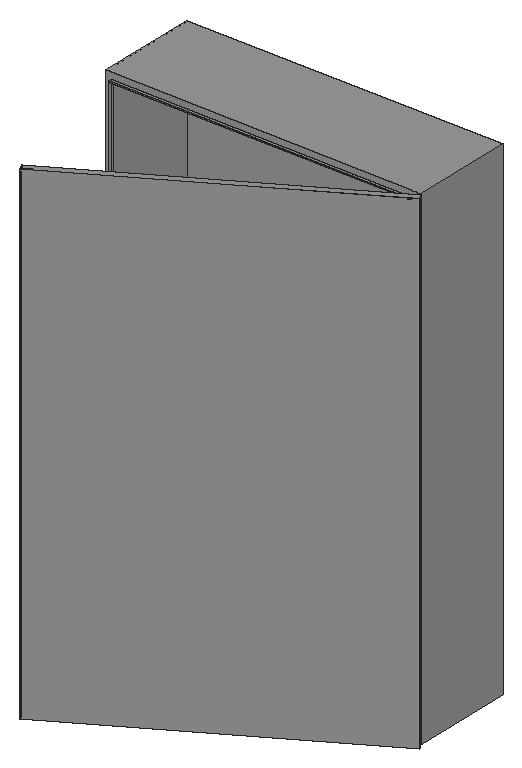
Revit family "Hager-Univers-IP55-D275-H1250-Cl.I-Steel_encl-NoHosted-DE-de", category Equipement électrique, Revit 2020
Family settings
  Configuration du panneau = Deux colonnes, circuits au sein
  Cote de connecteur circulaire = Utiliser le diamètre
  Type d'élément = Tableau de raccordement
  Basée sur le plan de construction = Oui
  Toujours verticalement = Oui
  Couper avec des vides une fois chargée = Non
  Partagée = Non
  Point de calcul de pièce = Non
Parameters (values of type "Aufputz IP55 B800 H1250 T275  - FR83E")
  Width Control [instance] = if([EF000008 - Breite] > Min Width, [EF000008 - Breite], Min Width)  # 800 mm
  Commentaires du type = [HG000003 - Bereich]  # "Univers"
  Thickness Door [instance] = if([EF009171 - Materialstärke Tür/Deckel] > 3 mm, 3 mm, [EF009171 - Materialstärke Tür/Deckel])  # 1.5 mm
  Seal Frame Offset [instance] = 17 mm  # constant formula
  Plinth Visibility [instance] = [HG000027 - Sockelhöhe] > 0 mm  # no
  Min Width [instance] = 100 mm  # constant formula
  Min Depth [instance] = (2 * [EF009170 - Materialstärke Gehäuse]) + 1 mm  # 4 mm
  Min Height [instance] = 100 mm  # constant formula
  Internal Frame Depth [instance] = (Door System Depth * 0.5)  # 9 mm
  Panel Name [instance] = ""  # (empty or 0)
  Model = ""
  HG000027 - Sockelhöhe = 0 mm
  HG000026 - Stehend auf dem Boden = no
  HG000024 - Höhe des unteren Teils = 600 mm
  HG000023 - Gehäuse mit doppeltem Querschnitt = no
  HG000016 - 3D-Türsichtbarkeit [instance] = yes
  HG000015 - Sichtbarkeit der Türöffnung [instance] = no
  HG000014 - Tür rechts [instance] = yes
  HG000013 - Tür links [instance] = not([HG000014 - Tür rechts])  # no
  HG000012 - Türschwenkwinkel [instance] = 30.00°
  HG000010 - Asymmetrische Türen = no
  HG000009 - Doppelflügeligen Tür = no
  HG000006 - Unterputz = no
  HG000004 - Herstellerreferenz = "FR83E"
  HG000003 - Bereich = "Univers"
  HG000002 - Mit tür = yes
  Frame Offset Bottom [instance] = 10 mm  # constant formula
  Frame Offset [instance] = 15 mm  # constant formula
  EF015940 - Deckel mit Überdruckentlastung = no
  EF011959 - Schutzart (NEMA) = ""
  EF009554 - Anzahl der Öffnungen für Flanschplatten = 6
  EF009212 - Ausführung Deckel = "EV000116 - geschlossen"
  EF009171 - Materialstärke Tür/Deckel = 1.5 mm
  EF009170 - Materialstärke Gehäuse = 1.5 mm
  EF008873 - Nennstrom (In) = 800 A
  EF007800 - Geeignet für Blitzschutz = no
  EF006306 - Mit Schloss = no
  EF006244 - Transparenter Deckel/Tür = no
  EF005474 - Schutzart (IP) = "EV006420 - IP55"
  EF004464 - Art der Tür = "EV002646 - Einzel"
  EF004427 - Anzahl der Module = 288
  EF004293 - Schlagfestigkeit = "EV008784 - IK10"
  EF003532 - Geeignet für Außengebrauch = no
  EF002950 - Breite in Teilungseinheiten = 24
  EF001613 - Funktionserhalt = "EV000494 - ohne"
  EF001596 - Werkstoff des Gehäuses = "EV000179 - Stahl"
  EF001131 - Innentiefe = 275 mm
  EF001088 - Anbaumöglichkeit = yes
  EF000437 - Anzahl der Leitungseinführungen = 6
  EF000339 - Art der Abdeckung = "EV004216 - Tür"
  EF000266 - Anzahl der Reihen = 8
  EF000218 - Einbautiefe = 0 mm
  EF000118 - Mit Montageplatte = no
  EF000116 - RAL-Nummer = "7035"
  EF000049 - Tiefe = 275 mm
  EF000040 - Höhe = 1250 mm
  EF000008 - Breite = 800 mm
  EF000007 - Farbe = "EV000270 - grau"
  EF000003 - Montageart = "EV000384 - Aufputz"
  Door System Leaf Tolerance [instance] = 1.5 mm  # constant formula
  Door System Depth [instance] = 18 mm  # constant formula
  Door Height [instance] = Height Control - [HG000027 - Sockelhöhe]  # 1250 mm
  Description = ""
  Default Elevation = 1219.2 mm
  Connector Offset [instance] = Height Control / 2  # 625 mm
  Fabricant = "Hager"  # constant formula
  Height Control [instance] = if([EF000040 - Höhe] > Min Height, [EF000040 - Höhe], Min Height)  # 1250 mm
  Depth Control [instance] = if([EF000049 - Tiefe] > Min Depth, [EF000049 - Tiefe], Min Depth)  # 275 mm
  Bottom Top Plate Trim [instance] = 1.5 mm  # constant formula
  Plinth height Ctrl [instance] = if([HG000027 - Sockelhöhe] > 0 mm, [HG000027 - Sockelhöhe], 12 mm)  # 12 mm
Types (5, lengths in mm): name | Width Control | HG000010 - Asymmetrische Türen | HG000009 - Doppelflügeligen Tür | HG000004 - Herstellerreferenz | EF009554 - Anzahl der Öffnungen für Flanschplatten | EF004464 - Art der Tür | EF004427 - Anzahl der Module | EF000437 - Anzahl der Leitungseinführungen | EF000008 - Breite
  Aufputz IP55 B1050 H1250 T275  - FR84E | 1050 | no | yes | "FR84E" | 8 | "EV003602 - Doppel" | 384 | 8 | 1050
  Aufputz IP55 B1300 H1250 T275  - FR85E | 1300 | yes | yes | "FR85E" | 10 | "EV003602 - Doppel" | 480 | 10 | 1300
  Aufputz IP55 B300 H1250 T275  - FR81E | 300 | no | no | "FR81E" | 2 | "EV002646 - Einzel" | 96 | 2 | 300
  Aufputz IP55 B550 H1250 T275  - FR82E | 550 | no | no | "FR82E" | 4 | "EV002646 - Einzel" | 192 | 4 | 550
  Aufputz IP55 B800 H1250 T275  - FR83E | 800 | no | no | "FR83E" | 6 | "EV002646 - Einzel" | 288 | 6 | 800
Reference planes
  plane 1 "Center (Front/Back)": y = 0
  plane 2: z = 0
  plane 3 "Center (Left/Right)": x = 0
  plane 4: y = 0
  plane 5: y = 0
  plane 6: z = 0
  plane 7: x = -400
  plane 8: x = 400
  plane 9: x = 398.5
  plane 10: x = -398.5
  plane 11: z = 0
  plane 12: z = 1.5
  plane 13: y = -275
  plane 14: y = -1.5
  plane 15: x = 0
  plane 16: y = -257
  plane 17: y = -273.5
  plane 18: y = -255.5
  plane 19: x = -383.5
  plane 20: x = 383.5
  plane 21: z = 11.5
  plane 22: x = -383
  plane 23: x = 383
  plane 24: z = 0
  plane 25: z = 1250
  plane 26: z = 1250
  plane 27: z = 1233.5
  plane 28: z = 1248.5
Forms (mm)
  Extrusion 1, solid, material "Hager_Steel_RAL7035_Light_Grey", detail levels medium+fine
    sketch origin (-208.679, -4572, 0) x (-1, 0, 0) y (0, -1, 0)
      loop
        line (191.321, -4315) -> (-608.679, -4315) -> (-608.679, -4572) -> (191.321, -4572) -> (191.321, -4315)
    from 0 to 1250
  Extrusion 2, void
    sketch origin (-350.771, -275, 1219.2) x (1, 0, 0) y (0, 0, 1)
      loop
        line (-47.729, 29.3) -> (-47.729, -1217.7) -> (749.271, -1217.7) -> (749.271, 29.3) -> (-47.729, 29.3)
    from -19.5 to -273.5
  Extrusion 3, void
    sketch origin (-290.084, -257, 1219.2) x (1, 0, 0) y (0, 0, 1)
      loop
        line (-93.416, -1207.7) -> (673.584, -1207.7) -> (673.584, 14.3) -> (-93.416, 14.3) -> (-93.416, -1207.7)
    from 0 to -1.5
  Extrusion 4, solid, material "Hager_Steel_RAL7035_Light_Grey", visible <- "Plinth Visibility", detail levels medium+fine
    sketch origin (0, 0, 0) x (1, 0, 0) y (0, 1, 0)
      loop
        line (-400, 0) -> (-400, -257) -> (400, -257) -> (400, 0) -> (-400, 0)
    from 0 to 12 <- "Plinth height Ctrl"
  Extrusion 5, solid, material "Hager_Steel_RAL7035_Light_Grey", detail levels coarse
    sketch origin (0, 0, 0) x (1, 0, 0) y (0, 1, 0)
      loop
        line (-400, 0) -> (-400, -275) -> (400, -275) -> (400, 0) -> (-400, 0)
    from 0 to 1250 <- "Height Control"
  Sweep 6, void
    path in 3D
      loop
        line (-400, -257, 12) -> (400, -257, 12) -> (400, 0, 12) -> (-400, 0, 12) -> (-400, -257, 12)
    profile origin (-400, -128.5, 12) x (1, 0, 0) y (0, 0, 1)
      loop
        line (0, 0) -> (0, -1.5) -> (1.5, -1.5)
        arc (1.5, -1.5) -> (1.061, -0.439) -> (0, 0) r 1.5
  Extrusion 7, solid, material "Hager_Steel_RAL7035_Light_Grey", detail levels fine
    sketch origin (-400, -257, 0) x (1, 0, 0) y (0, 0, 1)
      loop
        line (16.5, 11.5) -> (783.5, 11.5) -> (783.5, 1233.5) -> (16.5, 1233.5) -> (16.5, 11.5)
      loop
        line (15, 10) -> (785, 10) -> (785, 1235) -> (15, 1235) -> (15, 10)
    from 0 to 9 <- "Internal Frame Depth"
Cuts and joins
  Extrusion 2, Extrusion 3 cuts Extrusion 1
  Sweep 6 cuts Extrusion 4
Lines and regions (mm)
  Masking region 1
    outline origin (0, 0, 0) x (1, 0, 0) y (0, 1, 0)
      loop
        line (-400, 0) -> (-400, -275) -> (400, -275) -> (400, 0) -> (-400, 0)
  Masking region 2, detail levels coarse
    outline origin (-290.084, -257, 1219.2) x (-1, 0, 0) y (0, 0, 1)
      loop
        line (-690.084, -1219.2) -> (109.916, -1219.2) -> (109.916, 30.8) -> (-690.084, 30.8) -> (-690.084, -1219.2)
  Masking region 3, detail levels coarse
    outline origin (0, 0, 0) x (0, 1, 0) y (0, 0, 1)
      loop
        line (0, 0) -> (0, 1250) -> (-275, 1250) -> (-275, 0) -> (0, 0)
  Masking region 4, visible <- "Plinth Visibility", detail levels medium+fine
    outline origin (0, 0, 0) x (0, 1, 0) y (0, 0, 1)
      loop
        line (-1.5, 12) -> (-255.5, 12)
        arc (-255.5, 12) -> (-255.939, 10.939) -> (-257, 10.5) r 1.5
        line (-257, 10.5) -> (-257, 0) -> (0, 0) -> (0, 10.5)
        arc (0, 10.5) -> (-1.061, 10.939) -> (-1.5, 12) r 1.5
  Masking region 5, detail levels medium+fine
    outline origin (0, 0, 594.038) x (0, 1, 0) y (0, 0, 1)
      loop
        line (0, -594.038) -> (0, 655.962) -> (-257, 655.962) -> (-257, -594.038) -> (0, -594.038)
  Masking region 6, detail levels medium+fine
    outline origin (-359.7, -257, 1211.883) x (-1, 0, 0) y (0, 0, 1)
      loop
        line (-759.7, -1211.883) -> (40.3, -1211.883) -> (40.3, 38.117) -> (-759.7, 38.117) -> (-759.7, -1211.883)
  Masking region 7, visible <- "Plinth Visibility", detail levels medium+fine
    outline origin (-320.334, -257, 1041.368) x (-1, 0, 0) y (0, 0, 1)
      loop
        line (-720.334, -1041.368) -> (79.666, -1041.368) -> (79.666, -1030.868)
        arc (79.666, -1030.868) -> (78.606, -1030.429) -> (78.166, -1029.368) r 1.5
        line (78.166, -1029.368) -> (-718.834, -1029.368)
        arc (-718.834, -1029.368) -> (-719.273, -1030.429) -> (-720.334, -1030.868) r 1.5
        line (-720.334, -1030.868) -> (-720.334, -1041.368)
  sketch lines
    curve 1: line (-400, 0, 12) -> (-400, -257, 12)
    curve 2: line (-400, -257, 12) -> (400, -257, 12)
    curve 3: line (400, 0, 12) -> (-400, 0, 12)
    curve 4: line (400, -257, 12) -> (400, 0, 12)
Dimensions and locks
  locked: plane 1 "Center (Front/Back)" to plane 5
  "EF009170 - Materialstärke Gehäuse": plane 7 to plane 10
  "EF009170 - Materialstärke Gehäuse": plane 8 to plane 9
  equal spacing: plane 7, plane 3 "Center (Left/Right)", plane 8
  "Width Control": plane 7 to plane 8
  "Depth Control": plane 4 to plane 13
  "EF009170 - Materialstärke Gehäuse": plane 4 to plane 14
  "Height Control": plane 25 to level
  "HG000027 - Sockelhöhe": plane 11 to level
  "EF009170 - Materialstärke Gehäuse": plane 12 to plane 11
  "EF009170 - Materialstärke Gehäuse": plane 17 to plane 13
  "EF009170 - Materialstärke Gehäuse": plane 18 to plane 16
  "Frame Offset Bottom": plane 21 to plane 12
  "Frame Offset": plane 10 to plane 19
  "Frame Offset": plane 9 to plane 20
  "Door System Depth": plane 16 to plane 13
  "Seal Frame Offset": plane 7 to plane 22
  "Seal Frame Offset": plane 8 to plane 23
  "EF009170 - Materialstärke Gehäuse": plane 26 to plane 28
  "Frame Offset": plane 28 to plane 27
  "Connector Offset": plane 2 to connector elem
  "Bottom Top Plate Trim": profile plane to Sweep 6 sketch curve
  "Bottom Top Plate Trim": Sweep 6 sketch curve to Sweep 6 sketch curve
  "Plinth height Ctrl": Masking region 4 sketch curve to level
  "Plinth height Ctrl": Masking region 7 sketch curve to level
  "Thickness Door": Extrusion 7 sketch curve to Extrusion 7 sketch curve  (x4)
  "Bottom Top Plate Trim": radius of Sweep 6 sketch curve
  "Bottom Top Plate Trim": radius of Masking region 4 sketch curve  (x2)
  "Bottom Top Plate Trim": radius of Masking region 7 sketch curve  (x2)
  aligned and locked: Extrusion 2 sketch curve to plane 12
  aligned and locked: Extrusion 2 sketch curve to plane 9
  aligned and locked: Extrusion 2 sketch curve to plane 10
  aligned and locked: Extrusion 2 to plane 14
  aligned and locked: Extrusion 1 sketch curve to plane 4
  aligned and locked: plane 8 to Extrusion 1 sketch curve
  aligned and locked: plane 7 to Extrusion 1 sketch curve
  aligned and locked: Extrusion 2 to plane 18
  aligned and locked: Extrusion 3 sketch curve to plane 19
  aligned and locked: plane 20 to Extrusion 3 sketch curve
  aligned and locked: Extrusion 3 to Extrusion 2
  aligned and locked: Extrusion 3 sketch curve to plane 21
  aligned and locked: plane 3 "Center (Left/Right)" to nested 1
  aligned and locked: Extrusion 1 sketch curve to plane 16
  aligned and locked: Extrusion 4 sketch curve to cut or joined group of Extrusion 1, Extrusion 2, Extrusion 3
  aligned and locked: Masking region 1 sketch curve to plane 7
  aligned and locked: Masking region 1 sketch curve to plane 5
  aligned and locked: Masking region 1 sketch curve to plane 8
  aligned and locked: Masking region 2 sketch curve to level
  aligned and locked: level to Masking region 3 sketch curve
  aligned and locked: plane 1 "Center (Front/Back)" to Masking region 3 sketch curve
  aligned and locked: plane 13 to Masking region 3 sketch curve
  aligned and locked: plane 5 to Masking region 4 sketch curve
  aligned and locked: Masking region 2 sketch curve to plane 8
  aligned and locked: Masking region 2 sketch curve to plane 7
  aligned and locked: plane 7 to nested 2
  aligned and locked: nested 2 to plane 5
  aligned and locked: plane 5 to Masking region 5 sketch curve
  aligned and locked: plane 26 to Masking region 5 sketch curve
  aligned and locked: Extrusion 5 sketch curve to plane 8
  aligned and locked: Extrusion 5 sketch curve to plane 7
  aligned and locked: Extrusion 5 sketch curve to plane 5
  aligned and locked: Extrusion 3 sketch curve to plane 27
  aligned and locked: Extrusion 2 sketch curve to plane 28
  aligned and locked: Masking region 2 to plane 25
  aligned and locked: Extrusion 4 to plane 16
  aligned and locked: profile plane to Sweep 6 sketch curve
  aligned and locked: Masking region 5 sketch curve to plane 24
  aligned and locked: level to Masking region 4 sketch curve
  aligned and locked: Masking region 1 to plane 13
  aligned and locked: nested 1 to plane 16
  aligned and locked: Masking region 3 to plane 25
  aligned and locked: plane 16 to Masking region 4 sketch curve
  aligned and locked: Masking region 5 sketch curve to plane 16
  aligned and locked: plane 24 to plane 11
  aligned and locked: plane 26 to plane 25
  aligned and locked: plane 26 to cut or joined group of Extrusion 1, Extrusion 2, Extrusion 3
  aligned and locked: nested 1 to plane 24
  aligned and locked: Extrusion 1 to Extrusion 3
  aligned and locked: Masking region 6 sketch curve to plane 8
  aligned and locked: Masking region 6 sketch curve to plane 24
  aligned and locked: Masking region 6 sketch curve to plane 7
  aligned and locked: Masking region 6 sketch curve to plane 26
  aligned and locked: Masking region 7 sketch curve to plane 7
  aligned and locked: level to Masking region 7 sketch curve
  aligned and locked: Masking region 7 sketch curve to plane 8
  aligned and locked: Extrusion 7 sketch curve to cut or joined group of Extrusion 1, Extrusion 2, Extrusion 3  (x4)
Automatic sketch dimensions
  plane 19 to Extrusion 3 sketch curve = 0 mm
  Extrusion 3 sketch curve to plane 20 = 0 mm
  Extrusion 3 sketch curve to plane 21 = 0 mm
  Extrusion 4 sketch curve to plane 7 = 0 mm
  Extrusion 4 sketch curve to plane 8 = 0 mm
  Extrusion 4 sketch curve to plane 16 = 0 mm
  Masking region 1 sketch curve to plane 13 = 0 mm
  Masking region 2 sketch curve to plane 25 = 0 mm
  Masking region 3 sketch curve to plane 25 = 0 mm
  Extrusion 5 sketch curve to plane 13 = 0 mm
  profile plane to Sweep 6 sketch curve = 0 mm
Nested families
  nested 1: "EC000058_Univers_Door" at (0, -257, 0), Double <- "HG000009 - Doppelflügeligen Tür", Transparent <- "EF006244 - Transparenter Deckel/Tür", Angle <- "HG000012 - Türschwenkwinkel", Door_Right <- "HG000014 - Tür rechts", Assymetrical <- "HG000010 - Asymmetrische Türen", Door <- "HG000002 - Mit tür", Width_Ctrl <- "Width Control", 3d_Door <- "HG000016 - 3D-Türsichtbarkeit", Clearance <- "HG000015 - Sichtbarkeit der Türöffnung", Door_Left <- "HG000013 - Tür links", Width <- "Width Control", Door_Depth <- "Door System Depth", Leaf_Tolerance <- "Door System Leaf Tolerance", Height <- "Door Height", Lock_Visibility <- "EF006306 - Mit Schloss", Thickness <- "Thickness Door", type "EC000058_Univers_Door", detail levels medium+fine
    with min_wh 4 mm, Width_Ctrl 800 mm, Width 800 mm, Transparent no, Thickness 1.5 mm, Seal_Material Hager_Rubber, Lock_Visibility no, Lock_Material Hager_Plastic_RAL9005_Jet_Black, Leaf_Width 800 mm, Leaf_Tolerance_External_Sides 0 mm, Leaf_Tolerance 1.5 mm, Leaf_Offset 0 mm, Leaf_Height 1247 mm, Leaf_2_Width 800 mm, Leaf_2_Offset 400 mm, Leaf_1_Width 800 mm, Leaf_1_Offset 400 mm, Height_Ctrl 1250 mm, Height 1250 mm, Glass_Material Hager_Glass, Double_Clearance_Ctrl no, Double no, Door_Right_Ctrl yes, Door_Right yes, Door_Material Hager_Steel_RAL7035_Light_Grey, Door_Left_Ctrl no, Door_Left no, Door_Depth 18 mm, Door yes, Clearance_Material Hager_Clearance, Clearance_Depth 800 mm, Clearance_Ctrl no, Clearance no, Assymetrical no, Angle 30.00°, 3d_Door yes
  nested 2: "Hager_Enclosure_Symbol" at (-400, 0, 0), Height <- "Depth Control", Width <- "Width Control", type "Hager_Enclosure_Symbol"
    with Width_Ctrl 800 mm, Width 800 mm, Height_Ctrl 275 mm, Height 275 mm, A_Width_Int 18.047 mm, A_Width 216.562 mm, A_Height_Ctrl 240.625 mm, A_Height 240.625 mm
Connectors
  electrical at (0, 0, 625)
    settings: on plane 1 "Center (Front/Back)", index 1, voltage 0 V, apparent load 0 VA, apparent load phase1 0 VA, apparent load phase2 0 VA, apparent load phase3 0 VA, power factor 1, load classification "Other", number of poles 1, system type 30, power factor state 1, is connector primary yes, connector utility no, sub classification motor no, connector description ""
Definition of nested family "EC000058_Univers_Door"
  Parameters (values of type "EC000058_Univers_Door")
    min_wh [instance] = (2 * Thickness) + 1 mm  # 11 mm
    Width_Ctrl [instance] = 400 mm
    Width [instance] = 500 mm
    Transparent [instance] = yes
    Thickness [instance] = 5 mm
    Seal_Material [instance] = none
    Lock_Visibility [instance] = yes
    Lock_Material [instance] = none
    Leaf_Width [instance] = if((Width_Ctrl - 2 * Leaf_Tolerance_External_Sides) > 0 mm, (Width_Ctrl - 2 * Leaf_Tolerance_External_Sides), min_wh)  # 400 mm
    Leaf_Tolerance_External_Sides [instance] = 0 mm  # constant formula
    Leaf_Tolerance [instance] = 1.5 mm
    Leaf_Offset [instance] = 0 mm  # constant formula
    Leaf_Height [instance] = if((Height_Ctrl - 2 * Leaf_Tolerance) > 0 mm, (Height_Ctrl - 2 * Leaf_Tolerance), min_wh)  # 497 mm
    Leaf_2_Width [instance] = if(and(and(Double, Assymetrical), Door_Left), (Leaf_Width / 3) - (Leaf_Tolerance / 2), if(and(and(Double, Assymetrical), Door_Right), (Leaf_Width / 3) * 2 - (Leaf_Tolerance / 2), if(and(Double, not(Assymetrical)), (Leaf_Width / 2) - Leaf_Tolerance, Leaf_Width)))  # 400 mm
    Leaf_2_Offset [instance] = if(and(Double, Assymetrical), Leaf_2_Width / 2, if(and(Double, not(Assymetrical)), Leaf_Width / 4, Leaf_Width / 2))  # 200 mm
    Leaf_1_Width [instance] = if(and(and(Double, Assymetrical), Door_Right), (Leaf_Width / 3) - (Leaf_Tolerance / 2), if(and(and(Double, Assymetrical), Door_Left), (Width / 3) * 2 - (Leaf_Tolerance / 2), if(and(Double, not(Assymetrical)), (Leaf_Width / 2) - Leaf_Tolerance, Leaf_Width)))  # 400 mm
    Leaf_1_Offset [instance] = if(and(Double, Assymetrical), Leaf_1_Width / 2, if(and(Double, not(Assymetrical)), Leaf_Width / 4, Leaf_Width / 2))  # 200 mm
    Height_Ctrl [instance] = if(Height > min_wh, Height, min_wh)  # 500 mm
    Height [instance] = 500 mm
    Glass_Material [instance] = none
    Double_Clearance_Ctrl [instance] = and(Double, Clearance)  # no
    Double [instance] = no
    Door_Right_Ctrl [instance] = and(or(Door_Right, Double), Door)  # yes
    Door_Right [instance] = yes
    Door_Material [instance] = none
    Door_Left_Ctrl [instance] = and(or(Door_Left, Double), Door)  # no
    Door_Left [instance] = no
    Door_Depth [instance] = 30 mm
    Door [instance] = yes
    Default Elevation = 1219.2 mm
    Clearance_Material [instance] = none
    Clearance_Depth [instance] = if(Leaf_1_Width > Leaf_2_Width, Leaf_1_Width, Leaf_2_Width)  # 400 mm
    Clearance_Ctrl [instance] = and(not(Double), Clearance)  # yes
    Clearance [instance] = yes
    Assymetrical [instance] = yes
    Angle [instance] = 30.00°
    3d_Door [instance] = yes
  Reference planes
    plane 1 "Center (Front/Back)": y = 0
    plane 2 "Bottom": z = 0
    plane 3 "Center (Left/Right)": x = 0
    plane 4: z = 500
    plane 5: x = -200
    plane 6: x = 200
    plane 7: z = 500
    plane 8: x = -200
    plane 9: z = 0
    plane 10: x = 200
    plane 11: y = 0
    plane 12: z = 1.5
    plane 13: x = -600
    plane 14: y = -400
    plane 15: x = 600
    plane 16: x = 0
    plane 17: x = 0
    plane 18: x = -200
    plane 19: x = 200
    plane 20: z = 498.5
  Forms (mm)
    Extrusion 1, solid, material <- "Clearance_Material", visible <- "Double_Clearance_Ctrl"
      sketch origin (1200, 0, 0) x (1, 0, 0) y (0, 0, -1)
        loop
          line (-1800, -498.5) -> (-600, -498.5) -> (-600, 0) -> (-1800, 0) -> (-1800, -498.5)
      from 0 to -400
  Dimensions and locks
    equal spacing: plane 5, plane 3 "Center (Left/Right)", plane 6
    "Width_Ctrl": plane 5 to plane 6
    "Leaf_Offset": plane 5 to plane 8
    "Leaf_Offset": plane 6 to plane 10
    "Leaf_Offset": plane 9 to level
    "Leaf_Offset": plane 4 to plane 7
    "Height_Ctrl": plane 4 to level
    "Leaf_Tolerance": plane 12 to plane 9
    locked: plane 11 to plane 1 "Center (Front/Back)"
    "Leaf_1_Offset": plane 18 to plane 16
    "Leaf_2_Offset": plane 17 to plane 19
    "Leaf_1_Width": plane 13 to plane 8
    "Leaf_2_Width": plane 10 to plane 15
    "Clearance_Depth": plane 14 to plane 1 "Center (Front/Back)"
    "Leaf_Tolerance_External_Sides": plane 8 to plane 18
    "Leaf_Tolerance_External_Sides": plane 19 to plane 10
    "Leaf_Tolerance": plane 7 to plane 20
    aligned and locked: level to plane 2 "Bottom"
    aligned and locked: nested 1 to plane 16
    aligned and locked: nested 2 to plane 17
    aligned and locked: Extrusion 1 to plane 13
    aligned and locked: plane 15 to Extrusion 1
    aligned and locked: Extrusion 1 to plane 14
    aligned and locked: plane 12 to nested 1
    aligned and locked: nested 2 to plane 12
    aligned and locked: Extrusion 1 to plane 11
    aligned and locked: plane 20 to Extrusion 1
    aligned and locked: nested 2 to plane 11
    aligned and locked: nested 1 to plane 11
  Automatic sketch dimensions
    Extrusion 1 sketch curve to level = 0 mm
    plane 5 to Extrusion 1 sketch curve = 400 mm
    plane 6 to Extrusion 1 sketch curve = 400 mm
    Extrusion 1 sketch curve to plane 4 = 1.5 mm
  Nested families
    nested 1: "EC000058_Univers_Door_Leaf" at (0, 0, 1.5), Width <- "Leaf_1_Width", visible <- "Door_Left_Ctrl", Leaf_Height <- "Leaf_Height", Angle <- "Angle", 3d_Door <- "3d_Door", Transparent <- "Transparent", Clearance Material <- "Clearance_Material", Clearance <- "Clearance_Ctrl", Door_Material <- "Door_Material", Glass_Material <- "Glass_Material", Door_Depth <- "Door_Depth", Lock_Material <- "Lock_Material", Seal_Material <- "Seal_Material", Lock_Visibility <- "Lock_Visibility", Thickness <- "Thickness", type "EC000058_Univers_Door_Leaf"
      with Width 400 mm, Transparent_Glass_Offset 30 mm, Transparent_Ctrl yes, Transparent yes, Thickness 5 mm, Standard no, Seal_Material none, Seal_D2 8 mm, Seal_D1 1 mm, Offset_Internal_Frame 10 mm, Lock_Width 20 mm, Lock_Visibility_3d yes, Lock_Visibility yes, Lock_Thickness_3 3 mm, Lock_Thickness_2 1 mm, Lock_Thickness_1 3 mm, Lock_Radius_Offset_2 16 mm, Lock_Radius_Offset_1 15 mm, Lock_Radius_2 5 mm, Lock_Radius 6 mm, Lock_Offset 5 mm, Lock_Material none, Lock_Height 80 mm, Lock_Cover_Top_Offset_2d 17 mm, Lock_Cover_Height -65 mm, Leaf_Height 497 mm, Internal_Seal_Thickness 8 mm, Internal_Seal_Depth_2 4.5 mm, Internal_Frame_Depth 25 mm, Glass_Thickness -1 mm, Glass_Offset -2 mm, Glass_Material none, Door_Material none, Door_Depth 30 mm, Clearance Material none, Clearance yes, Angle_Ctrl 30.00°, Angle 30.00°, 3d_Door yes
    nested 2: "EC000058_Univers_Door_Leaf" at (0, 0, 1.5) x (-1, 0, 0) z (0, 0, 1), Width <- "Leaf_2_Width", visible <- "Door_Right_Ctrl", Leaf_Height <- "Leaf_Height", Angle <- "Angle", 3d_Door <- "3d_Door", Transparent <- "Transparent", Clearance Material <- "Clearance_Material", Clearance <- "Clearance_Ctrl", Door_Material <- "Door_Material", Glass_Material <- "Glass_Material", Door_Depth <- "Door_Depth", Lock_Material <- "Lock_Material", Seal_Material <- "Seal_Material", Lock_Visibility <- "Lock_Visibility", Thickness <- "Thickness", type "EC000058_Univers_Door_Leaf"
      with Width 400 mm, Transparent_Glass_Offset 30 mm, Transparent_Ctrl yes, Transparent yes, Thickness 5 mm, Standard no, Seal_Material none, Seal_D2 8 mm, Seal_D1 1 mm, Offset_Internal_Frame 10 mm, Lock_Width 20 mm, Lock_Visibility_3d yes, Lock_Visibility yes, Lock_Thickness_3 3 mm, Lock_Thickness_2 1 mm, Lock_Thickness_1 3 mm, Lock_Radius_Offset_2 16 mm, Lock_Radius_Offset_1 15 mm, Lock_Radius_2 5 mm, Lock_Radius 6 mm, Lock_Offset 5 mm, Lock_Material none, Lock_Height 80 mm, Lock_Cover_Top_Offset_2d 17 mm, Lock_Cover_Height -65 mm, Leaf_Height 497 mm, Internal_Seal_Thickness 8 mm, Internal_Seal_Depth_2 4.5 mm, Internal_Frame_Depth 25 mm, Glass_Thickness -1 mm, Glass_Offset -2 mm, Glass_Material none, Door_Material none, Door_Depth 30 mm, Clearance Material none, Clearance yes, Angle_Ctrl 30.00°, Angle 30.00°, 3d_Door yes
  Definition of nested family "EC000058_Univers_Door_Leaf"
    Parameters (values of type "EC000058_Univers_Door_Leaf")
      Width [instance] = 2000 mm
      Transparent_Glass_Offset [instance] = 30 mm
      Transparent_Ctrl [instance] = and(Transparent, [3d_Door])  # yes
      Transparent [instance] = yes
      Thickness [instance] = 5 mm
      Standard [instance] = and(not(Transparent), [3d_Door])  # no
      Seal_Material [instance] = none
      Seal_D2 [instance] = 8 mm  # constant formula
      Seal_D1 [instance] = 1 mm  # constant formula
      Offset_Internal_Frame [instance] = 10 mm  # constant formula
      Lock_Width [instance] = 20 mm  # constant formula
      Lock_Visibility_3d [instance] = and(Lock_Visibility, [3d_Door])  # yes
      Lock_Visibility [instance] = yes
      Lock_Thickness_3 [instance] = 3 mm  # constant formula
      Lock_Thickness_2 [instance] = 1 mm  # constant formula
      Lock_Thickness_1 [instance] = 3 mm  # constant formula
      Lock_Radius_Offset_2 [instance] = Lock_Radius_Offset_1 + 1 mm  # 16 mm
      Lock_Radius_Offset_1 [instance] = 15 mm  # constant formula
      Lock_Radius_2 [instance] = Lock_Radius - 1 mm  # 5 mm
      Lock_Radius [instance] = 6 mm  # constant formula
      Lock_Offset [instance] = 5 mm  # constant formula
      Lock_Material [instance] = none
      Lock_Height [instance] = 80 mm  # constant formula
      Lock_Cover_Top_Offset_2d [instance] = Lock_Radius_Offset_2 + 1 mm  # 17 mm
      Lock_Cover_Height [instance] = -(Lock_Height - Lock_Radius_Offset_1)  # -65 mm
      Leaf_Height [instance] = 2720.336 mm
      Internal_Seal_Thickness [instance] = 8 mm  # constant formula
      Internal_Seal_Depth_2 [instance] = 4.5 mm  # constant formula
      Internal_Frame_Depth [instance] = if(Door_Depth - Thickness > 5 mm, Door_Depth - Thickness, 5 mm)  # 25 mm
      Glass_Thickness [instance] = if(Thickness > 15 mm, Glass_Offset + 10 mm, -1 mm)  # -1 mm
      Glass_Offset [instance] = if(Thickness > 15 mm, -(Thickness + 10 mm) / 2, -2 mm)  # -2 mm
      Glass_Material [instance] = none
      Door_Material [instance] = none
      Door_Depth [instance] = 30 mm
      Default Elevation = 0 mm
      Clearance Material [instance] = none
      Clearance [instance] = yes
      Angle_Ctrl [instance] = if(Angle > 180.00°, 180.00°, Angle)  # 90.00°
      Angle [instance] = 90.00°
      3d_Door [instance] = yes
    Reference planes
      plane 1 "Center (Front/Back)": y = 0
      plane 2: z = 0
      plane 3 "Center (Left/Right)": x = 0
      plane 4: y = 2000
      plane 5: x = -1000
      plane 6: x = 1000
      plane 7: x = -3000
      plane 8: z = 2720.336
      plane 9: z = 30
      plane 10: z = 2690.336
      plane 11: x = 970
      plane 12: x = -970
      plane 13: y = -3
      plane 14: z = 107.833
      plane 15: y = -5
      plane 16: y = -223.314
      plane 17: x = -1000
      plane 18: z = 1360.168
      plane 19: y = 30
    Forms (mm)
      Extrusion 1, solid, material <- "Clearance Material", visible <- "Clearance"
        sketch origin (0, 0, 0) x (1, 0, 0) y (0, 0, 1)
          loop
            line (-3000, 2720.336) -> (-3000, 0) -> (1000, 0) -> (1000, 2720.336) -> (-3000, 2720.336)
        from 0 to -2000
      Extrusion 2, solid, material <- "Door_Material", visible <- "Standard", detail levels medium+fine
        sketch origin (-1000, 0, 0) x (0, 1, 0) y (-1, 0, 0)
          loop
            line (0, 30) -> (0, 25) -> (2000, 25) -> (2000, 30) -> (0, 30)
        from 0 to 2720.336 <- "Leaf_Height"
      Extrusion 3, solid, material <- "Door_Material", visible <- "Transparent_Ctrl", detail levels medium+fine
        sketch origin (-1000, 0, 0) x (0, 1, 0) y (-1, 0, 0)
          loop
            line (0, 25) -> (2000, 25) -> (2000, 30) -> (0, 30) -> (0, 25)
        from 0 to 2720.336 <- "Leaf_Height"
      Extrusion 4, void
        sketch origin (-1025, 2000, 0) x (0, 1, 0) y (0, 0, -1)
          loop
            line (-30, -2690.336) -> (-30, -30) -> (-1970, -30) -> (-1970, -2690.336) -> (-30, -2690.336)
        from 0 to 5 <- "Thickness"
      Sweep 5, solid, material <- "Seal_Material", visible <- "Transparent_Ctrl", detail levels fine
        path in 3D
          loop
            line (-1025, 30, 30) -> (-1025, 30, 2690.336) -> (-1025, 1970, 2690.336) -> (-1025, 1970, 30) -> (-1025, 30, 30)
        profile origin (-1025, 1000, 30) x (1, 0, 0) y (0, 0, 1)
          loop
            line (0, 0) -> (0, -8) -> (1, -8) -> (1, 0) -> (0, 0)
      Extrusion 6, solid, material <- "Glass_Material", visible <- "Transparent_Ctrl", detail levels medium+fine
        sketch origin (-1030, 0, 0) x (0, 1, 0) y (0, 0, -1)
          loop
            line (1970, -2690.336) -> (1970, -30) -> (30, -30) -> (30, -2690.336) -> (1970, -2690.336)
        from -2 <- "Glass_Offset" to -1 <- "Glass_Thickness"
      Extrusion 7, solid, material <- "Door_Material", visible <- "3d_Door", detail levels medium+fine
        sketch origin (-1025, 2000, 0) x (0, -1, 0) y (0, 0, -1)
          loop
            line (0, -2720.336) -> (2000, -2720.336) -> (2000, 0) -> (0, 0) -> (0, -2720.336)
          loop
            line (1995, -5) -> (5, -5) -> (5, -2715.336) -> (1995, -2715.336) -> (1995, -5)
        from 0 to 25 <- "Internal_Frame_Depth"
      Sweep 8, solid, material <- "Seal_Material", visible <- "Transparent_Ctrl", detail levels fine
        path in 3D
          loop
            line (-1025, 0, 0) -> (-1025, 2000, 0) -> (-1025, 2000, 2720.336) -> (-1025, 0, 2720.336) -> (-1025, 0, 0)
        profile origin (-1025, 0, 1360.168) x (1, 0, 0) y (0, 1, 0)
          loop
            line (0, 10) -> (2.975, 10)
            arc (2.975, 10) -> (4.053, 10.447) -> (4.5, 11.525) r 1.525
            line (4.5, 11.525) -> (4.5, 16.527)
            arc (4.5, 16.527) -> (4.069, 17.569) -> (3.027, 18) r 1.473
            line (3.027, 18) -> (0, 18) -> (0, 10)
      Extrusion 9, solid, material <- "Lock_Material", visible <- "Lock_Visibility_3d", detail levels fine
        sketch origin (-1030, 0, 0) x (0, 1, 0) y (0, 0, -1)
          loop
            arc (1993.5, -1400.168) -> (1994.561, -1399.729) -> (1995, -1398.668) r 1.5
            line (1995, -1398.668) -> (1995, -1320.168) -> (1975, -1320.168) -> (1975, -1398.668)
            arc (1975, -1398.668) -> (1975.439, -1399.729) -> (1976.5, -1400.168) r 1.5
            line (1976.5, -1400.168) -> (1993.5, -1400.168)
        from 3 <- "Lock_Thickness_1" to 0
      Blend 10, solid, material <- "Lock_Material", visible <- "Lock_Visibility_3d", detail levels fine
        base sketch origin (-1033, 0, 0) x (0, 1, 0) y (0, 0, -1)
          loop
            line (1975, -1320.168) -> (1975, -1398.668)
            arc (1975, -1398.668) -> (1975.439, -1399.729) -> (1976.5, -1400.168) r 1.5
            line (1976.5, -1400.168) -> (1993.5, -1400.168)
            arc (1993.5, -1400.168) -> (1994.561, -1399.729) -> (1995, -1398.668) r 1.5
            line (1995, -1398.668) -> (1995, -1320.168) -> (1975, -1320.168)
        top sketch origin (-1033, 0, 0) x (0, 1, 0) y (0, 0, -1)
          loop
            line (1976, -1320.168) -> (1976, -1398.668)
            arc (1976, -1398.668) -> (1976.146, -1399.022) -> (1976.5, -1399.168) r 0.5
            line (1976.5, -1399.168) -> (1993.5, -1399.168)
            arc (1993.5, -1399.168) -> (1993.854, -1399.022) -> (1994, -1398.668) r 0.5
            line (1994, -1398.668) -> (1994, -1320.168) -> (1976, -1320.168)
        from 0 to 1 <- "Lock_Thickness_2"
      Blend 11, solid, material <- "Lock_Material", visible <- "Lock_Visibility_3d", detail levels fine
        base sketch origin (-1034, 0, 0) x (0, 1, 0) y (0, 0, -1)
          loop
            line (1978, -1320.168) -> (1978, -1384.168)
            arc (1978, -1384.168) -> (1985, -1391.168) -> (1992, -1384.168) r 7
            line (1992, -1384.168) -> (1992, -1320.168) -> (1978, -1320.168)
        top sketch origin (-1034, 0, 0) x (0, 1, 0) y (0, 0, -1)
          loop
            line (1991, -1320.168) -> (1979, -1320.168) -> (1979, -1383.168)
            arc (1979, -1383.168) -> (1985, -1389.168) -> (1991, -1383.168) r 6
            line (1991, -1383.168) -> (1991, -1320.168)
        from 0 to 3 <- "Lock_Thickness_3"
      Extrusion 12, solid, material <- "Lock_Material", visible <- "Lock_Visibility_3d", detail levels fine
        sketch origin (-1030, 1975, 1320.168) x (1, 0, 0) y (0, -1, 0)
          loop
            line (-7, -19) -> (-7, -1) -> (0, -1) -> (0, 0) -> (-8, 0) -> (-8, -20) -> (0, -20) -> (0, -19) -> (-7, -19)
        from 0 to -65 <- "Lock_Cover_Height"
      Extrusion 13, void
        sketch origin (-1038, 1995, 1320.168) x (-1, 0, 0) y (0, 0, -1)
          loop
            line (-5, -65) -> (0, -65) -> (-5, -60) -> (-5, -65)
        from 0 to 20 <- "Lock_Width"
      Extrusion 14, void
        sketch origin (-1038, 1975, 1320.168) x (0, -1, 0) y (0, 0, -1)
          loop
            circle (-10, -15.995) r 6
          loop
            circle (-10, -15.995) r 5
        from 0 to 2
      Extrusion 15, solid, material <- "Lock_Material", visible <- "Lock_Visibility_3d", detail levels medium
        sketch origin (-1030, 0, 0) x (0, 1, 0) y (0, 0, -1)
          loop
            arc (1993.5, -1400.168) -> (1994.561, -1399.729) -> (1995, -1398.668) r 1.5
            line (1995, -1398.668) -> (1995, -1320.168) -> (1975, -1320.168) -> (1975, -1398.668)
            arc (1975, -1398.668) -> (1975.439, -1399.729) -> (1976.5, -1400.168) r 1.5
            line (1976.5, -1400.168) -> (1993.5, -1400.168)
        from 8 to 0
    Cuts and joins
      Extrusion 4 cuts Extrusion 3
      Extrusion 13, Extrusion 14 cuts Extrusion 9
      Extrusion 14 cuts Blend 11
      Extrusion 13, Extrusion 14 cuts Extrusion 12
      joined: Extrusion 9, Blend 10, Blend 11, Extrusion 12
      Extrusion 14 cuts Extrusion 15
    Lines and regions (mm)
      Masking region 1, visible <- "Lock_Visibility", detail levels fine
        outline origin (0, 0, 0) x (0, 1, 0) y (0, 0, 1)
          loop
            line (30, 1320.168) -> (33, 1320.168) -> (33, 1400.168) -> (30, 1400.168) -> (30, 1320.168)
      Masking region 2, visible <- "Lock_Visibility", detail levels fine
        outline origin (0, 3.143, 0) x (0, 1, 0) y (0, 0, 1)
          loop
            line (29.857, 1354.168) -> (30.857, 1354.168) -> (30.857, 1366.168) -> (29.857, 1366.168) -> (29.857, 1354.168)
      Masking region 3, detail levels medium+fine
        outline origin (0, 0, 0) x (0, 1, 0) y (0, 0, 1)
          loop
            line (0, 0) -> (30, 0) -> (30, 2720.336) -> (0, 2720.336) -> (0, 0)
      Masking region 4, detail levels medium+fine
        outline origin (0, 0, 0) x (1, 0, 0) y (0, 0, 1)
          loop
            line (-1000, 2720.336) -> (-1000, 0) -> (1000, 0) -> (1000, 2720.336) -> (-1000, 2720.336)
      Masking region 5, visible <- "Lock_Visibility", detail levels fine
        outline origin (-47.116, 0, 0) x (1, 0, 0) y (0, 0, 1)
          loop
            arc (1024.616, 1399.168) -> (1023.556, 1398.729) -> (1023.116, 1397.668) r 1.5
            line (1023.116, 1397.668) -> (1023.116, 1320.168) -> (1041.116, 1320.168) -> (1041.116, 1397.668)
            arc (1041.116, 1397.668) -> (1040.677, 1398.729) -> (1039.616, 1399.168) r 1.5
            line (1039.616, 1399.168) -> (1024.616, 1399.168)
      Masking region 6, visible <- "Lock_Visibility", detail levels medium+fine
        outline origin (-25, 0, 0) x (1, 0, 0) y (0, 0, 1)
          loop
            arc (1001.5, 1400.168) -> (1000.439, 1399.729) -> (1000, 1398.668) r 1.5
            line (1000, 1398.668) -> (1000, 1320.168) -> (1020, 1320.168) -> (1020, 1398.668)
            arc (1020, 1398.668) -> (1019.561, 1399.729) -> (1018.5, 1400.168) r 1.5
            line (1018.5, 1400.168) -> (1001.5, 1400.168)
      Masking region 7, visible <- "Lock_Visibility", detail levels fine
        outline origin (-73.735, 0, 0) x (1, 0, 0) y (0, 0, 1)
          loop
            line (1051.735, 1382.168) -> (1065.735, 1382.168) -> (1065.735, 1384.168)
            arc (1065.735, 1384.168) -> (1058.735, 1391.168) -> (1051.735, 1384.168) r 7
            line (1051.735, 1384.168) -> (1051.735, 1382.168)
      Masking region 8, visible <- "Lock_Visibility", detail levels fine
        outline origin (-73.735, 0, 0) x (1, 0, 0) y (0, 0, 1)
          loop
            line (1052.735, 1382.168) -> (1064.735, 1382.168) -> (1064.735, 1383.168)
            arc (1064.735, 1383.168) -> (1058.735, 1389.168) -> (1052.735, 1383.168) r 6
            line (1052.735, 1383.168) -> (1052.735, 1382.168)
      Masking region 9, visible <- "Lock_Visibility", detail levels fine
        outline origin (-25, 0, 0) x (1, 0, 0) y (0, 0, 1)
          loop
            line (1020, 1320.168) -> (1020, 1382.168) -> (1000, 1382.168) -> (1000, 1320.168) -> (1020, 1320.168)
      Masking region 10, detail levels medium+fine
        outline origin (0, 0, 0) x (1, 0, 0) y (0, 0, 1)
          loop
            circle (985, 1335.144) r 6
      Masking region 11, detail levels fine
        outline origin (0, 0, 0) x (1, 0, 0) y (0, 0, 1)
          loop
            circle (985, 1335.144) r 5
      Masking region 12, visible <- "Lock_Visibility", detail levels fine
        outline origin (0, 12.767, 0) x (0, 1, 0) y (0, 0, 1)
          loop
            line (20.233, 1320.168) -> (21.233, 1320.168) -> (21.233, 1399.168) -> (20.233, 1400.168) -> (20.233, 1320.168)
      Masking region 13, visible <- "Lock_Visibility", detail levels fine
        outline origin (0, 13.767, -10) x (0, 1, 0) y (0, 0, 1)
          loop
            line (20.233, 1330.168) -> (23.233, 1330.168) -> (23.233, 1399.168) -> (20.233, 1402.168) -> (20.233, 1330.168)
      Masking region 14, visible <- "Lock_Visibility", detail levels fine
        outline origin (0, 12.767, -10) x (0, 1, 0) y (0, 0, 1)
          loop
            line (20.233, 1330.168) -> (25.233, 1330.168) -> (25.233, 1399.305) -> (20.233, 1394.305) -> (20.233, 1330.168)
      Masking region 15, visible <- "Lock_Visibility", detail levels medium
        outline origin (0, 0, 0) x (0, 1, 0) y (0, 0, 1)
          loop
            line (30, 1320.168) -> (38, 1320.168) -> (38, 1400.168) -> (30, 1400.168) -> (30, 1320.168)
      Masking region 16, visible <- "Lock_Visibility", detail levels fine
        outline origin (-1000, 0, 0) x (0, 1, 0) y (-1, 0, 0)
          loop
            line (1975, 30) -> (1995, 30) -> (1995, 38) -> (1975, 38) -> (1975, 30)
          loop
            line (1979, 37) -> (1976, 37) -> (1976, 34) -> (1978, 34) -> (1979, 37)
          loop
            line (1994, 37) -> (1991, 37) -> (1992, 34) -> (1994, 34) -> (1994, 37)
      Masking region 17, visible <- "Lock_Visibility", detail levels medium
        outline origin (-1000, 0, 0) x (0, 1, 0) y (-1, 0, 0)
          loop
            line (1975, 30) -> (1995, 30) -> (1995, 38) -> (1975, 38) -> (1975, 30)
      symbolic lines
        curve 1: line (1000, 0, 0) -> (-3000, 0, 0)
        curve 2: arc (1000, 0, 0) -> (-1000, 2000, 0) -> (-3000, 0, 0) r 2000
        curve 4: line (-1030, 0, 0) -> (-1030, 2000, 0)
      reference lines
        curve 3: line (-1000, 0, 0) -> (-1000, 2000, 0)
      symbolic lines, detail levels medium+fine
        curve 5: line (-1030, 2000, 0) -> (-1025, 2000, 0)
        curve 7: line (-1025, 0, 0) -> (-1030, 0, 0)
        curve 8: line (-1025, 0, 0) -> (-1000, 0, 0)
        curve 9: line (-1000, 0, 0) -> (-1000, 2000, 0)
        curve 10: line (-1000, 2000, 0) -> (-1025, 2000, 0)
      symbolic lines, detail levels fine
        curve 6: line (-1025, 2000, 0) -> (-1025, 0, 0)
      sketch lines
        curve 11: line (-1025, 0, 2720.336) -> (-1025, 0, 0)
        curve 12: line (-1025, 2000, 0) -> (-1025, 0, 0)
        curve 13: line (-1025, 2000, 2720.336) -> (-1025, 2000, 0)
        curve 14: line (-1025, 0, 2720.336) -> (-1025, 2000, 2720.336)
        curve 15: line (-1025, 1970, 30) -> (-1025, 30, 30)
        curve 16: line (-1025, 30, 30) -> (-1025, 30, 2690.336)
        curve 17: line (-1025, 1970, 2690.336) -> (-1025, 1970, 30)
        curve 18: line (-1025, 30, 2690.336) -> (-1025, 1970, 2690.336)
      symbolic lines, visible <- "Transparent", detail levels medium+fine
        curve 19: line (-970, 0, 2690.336) -> (970, 0, 2690.336)
        curve 20: line (-970, 0, 30) -> (-970, 0, 2690.336)
        curve 21: line (970, 0, 30) -> (-970, 0, 30)
        curve 22: line (970, 0, 2690.336) -> (970, 0, 30)
    Dimensions and locks
      "Width": plane 1 "Center (Front/Back)" to plane 4
      equal spacing: plane 5, plane 3 "Center (Left/Right)", plane 6
      "Width": plane 5 to plane 6
      "Width": plane 7 to plane 5
      "Leaf_Height": plane 8 to level
      "Width": curve 5 to curve 3
      "Width": curve 3 to curve 3
      plane 8 to plane 10 = 30 mm
      plane 9 to level = 30 mm
      plane 12 to plane 5 = 30 mm
      plane 6 to plane 11 = 30 mm
      Extrusion 1 to Extrusion 4 sketch curve = 30 mm
      "Transparent_Glass_Offset": curve 3 to Extrusion 4 sketch curve
      "Transparent_Glass_Offset": Extrusion 4 sketch curve to cut or joined group of Extrusion 3, Extrusion 4  (x2)
      cut or joined group of Extrusion 3, Extrusion 4 to Extrusion 6 sketch curve = 30 mm
      "Transparent_Glass_Offset": cut or joined group of Extrusion 3, Extrusion 4 to Extrusion 4 sketch curve
      "Thickness": curve 6 to curve 4
      "Thickness": Extrusion 7 sketch curve to Extrusion 7 sketch curve  (x4)
      "Door_Depth": curve 4 to curve 3
      "Offset_Internal_Frame": profile plane to Sweep 8 sketch curve
      "Internal_Seal_Thickness": Sweep 8 sketch curve to Sweep 8 sketch curve
      "Internal_Seal_Depth_2": profile plane to Sweep 8 sketch curve
      "Seal_D1": profile plane to Sweep 5 sketch curve
      "Seal_D2": profile plane to Sweep 5 sketch curve
      "Thickness": Extrusion 2 sketch curve to Extrusion 2 sketch curve
      equal spacing: Extrusion 9 sketch curve, plane 18, Extrusion 9 sketch curve  (x2)
      equal spacing: Masking region 1 sketch curve, plane 18, Masking region 1 sketch curve
      "Lock_Height": Masking region 1 sketch curve to Masking region 1 sketch curve
      "Lock_Radius": Masking region 2 sketch curve to plane 18 to Masking region 2 sketch curve
      Masking region 2 sketch curve to Masking region 1 = 1 mm
      "Door_Depth": plane 19 to plane 1 "Center (Front/Back)"
      "Lock_Thickness_1": Masking region 1 sketch curve to plane 19
      "Lock_Width": Extrusion 9 sketch curve to Extrusion 9 sketch curve
      "Lock_Height": Extrusion 9 sketch curve to Extrusion 9 sketch curve
      "Lock_Offset": cut or joined group of Extrusion 3, Extrusion 4 to Extrusion 9 sketch curve
      equal spacing: plane 8, plane 18, level
      "Lock_Radius_Offset_1": Blend 11 sketch curve to Blend 10
      locked: Blend 10 to Blend 11 sketch curve at 2  (x2)
      locked: var sketch to Blend 11 sketch curve at 1  (x2)
      "Lock_Radius_Offset_2": Blend 11 sketch curve to Blend 10
      locked: Extrusion 12 sketch curve to Extrusion 12 sketch curve at 1  (x3)
      Masking region 6 sketch curve to Masking region 6 sketch curve = 80 mm
      "Lock_Height": Masking region 6 sketch curve to Masking region 6 sketch curve
      "Lock_Width": Masking region 6 sketch curve to Masking region 6 sketch curve
      locked: Masking region 6 to Masking region 5 sketch curve at 1  (x3)
      locked: Masking region 5 to Masking region 7 sketch curve at 2  (x2)
      "Lock_Radius_Offset_1": Masking region 5 to Masking region 7 sketch curve
      "Lock_Radius_Offset_2": Masking region 5 to Masking region 8 sketch curve
      locked: Masking region 7 to Masking region 8 sketch curve at 1  (x2)
      "Lock_Cover_Top_Offset_2d": Masking region 5 to Masking region 9 sketch curve
      equal spacing: Masking region 9, Masking region 10 sketch curve, Masking region 9
      equal spacing: Masking region 9, Masking region 11 sketch curve, Masking region 9
      Extrusion 15 sketch curve to Extrusion 15 sketch curve = 80 mm
      "Lock_Width": Extrusion 15 sketch curve to Extrusion 15 sketch curve
      "Lock_Height": Extrusion 15 sketch curve to Extrusion 15 sketch curve
      equal spacing: Extrusion 15 sketch curve, plane 18, Extrusion 15 sketch curve
      "Lock_Thickness_3": Masking region 13 sketch curve to Masking region 13 sketch curve
      "Lock_Height": Masking region 12 sketch curve to Masking region 12 sketch curve
      locked: Masking region 13 sketch curve to Masking region 1 at 8
      locked: Masking region 14 sketch curve to Masking region 13 at 1
      locked: Masking region 14 sketch curve to Masking region 1 at 10.863
      "Lock_Height": Masking region 15 sketch curve to Masking region 15 sketch curve
      "Lock_Offset": Extrusion 15 sketch curve to cut or joined group of Extrusion 3, Extrusion 4
      "Lock_Offset": plane 6 to Masking region 6 sketch curve
      radius of Sweep 8 sketch curve = 1.525 mm
      radius of Sweep 8 sketch curve = 1.473 mm
      radius of Extrusion 9 sketch curve = 1.5 mm  (x2)
      "Lock_Radius": radius of Extrusion 14 sketch curve
      "Lock_Radius_2": radius of Extrusion 14 sketch curve
      "Lock_Radius": radius of Masking region 10 sketch curve
      "Lock_Radius_2": radius of Masking region 11 sketch curve
      radius of Extrusion 15 sketch curve = 1.5 mm  (x2)
      "Angle_Ctrl": angle plane 1 "Center (Front/Back)" to curve 3
      locked: Masking region 12 sketch curve to Masking region 12 sketch curve (angle 45.00°)
      locked: Masking region 13 sketch curve to Masking region 13 sketch curve (angle 45.00°)
      locked: Masking region 14 sketch curve to Masking region 14 sketch curve (angle 45.00°)
      aligned and locked: level to plane 2
      aligned and locked: Extrusion 1 to curve 1
      aligned and locked: plane 6 to Extrusion 1
      aligned and locked: Extrusion 1 to plane 1 "Center (Front/Back)"
      aligned and locked: plane 4 to Extrusion 1
      aligned and locked: plane 8 to Extrusion 1
      aligned and locked: curve 7 to Extrusion 2 sketch curve
      aligned and locked: curve 5 to Extrusion 2 sketch curve
      aligned and locked: curve 7 to Extrusion 3 sketch curve
      aligned and locked: Extrusion 3 sketch curve to curve 4
      aligned and locked: Extrusion 3 sketch curve to curve 6
      aligned and locked: Extrusion 3 sketch curve to curve 5
      aligned and locked: curve 9 to curve 3
      aligned and locked: Extrusion 7 sketch curve to cut or joined group of Extrusion 3, Extrusion 4  (x4)
      aligned and locked: plane 17 to curve 3
      aligned and locked: plane 1 "Center (Front/Back)" to curve 3
      aligned and locked: plane 17 to plane 5
      aligned and locked: Sweep 8 sketch curve to profile plane
      aligned and locked: Sweep 5 sketch curve to profile plane  (x2)
      aligned and locked: Masking region 1 to Masking region 2 sketch curve
      aligned and locked: plane 19 to Masking region 1 sketch curve
      aligned and locked: plane 1 "Center (Front/Back)" to Masking region 3 sketch curve
      aligned and locked: plane 19 to Masking region 3 sketch curve
      aligned and locked: level to Masking region 3 sketch curve
      aligned and locked: Masking region 3 sketch curve to plane 8
      aligned and locked: plane 17 to Masking region 4 sketch curve
      aligned and locked: level to Masking region 4 sketch curve
      aligned and locked: Masking region 4 sketch curve to plane 8
      aligned and locked: plane 12 to curve 20
      aligned and locked: plane 10 to curve 19
      aligned and locked: plane 11 to curve 22
      aligned and locked: curve 21 to plane 9
      aligned and locked: Extrusion 2 sketch curve to cut or joined group of Extrusion 3, Extrusion 4
      aligned and locked: Blend 10 sketch curve to Extrusion 9  (x4)
      aligned and locked: Extrusion 9 to Blend 10 sketch curve
      aligned and locked: Blend 10 to Blend 11 sketch curve
      aligned and locked: Extrusion 12 sketch curve to Blend 11
      aligned and locked: Extrusion 12 sketch curve to Extrusion 9  (x4)
      aligned and locked: Masking region 5 sketch curve to Masking region 6
      aligned and locked: Masking region 9 sketch curve to Masking region 6  (x3)
      aligned and locked: Masking region 12 sketch curve to Masking region 1
      aligned and locked: Masking region 13 sketch curve to Masking region 1
      aligned and locked: Masking region 12 to Masking region 14
      aligned and locked: Masking region 14 sketch curve to Masking region 1
      aligned and locked: Masking region 15 sketch curve to Masking region 14
      aligned and locked: Masking region 13 sketch curve to Masking region 12
      aligned and locked: Masking region 16 sketch curve to cut or joined group of Extrusion 14, Extrusion 15  (x4)
      aligned and locked: Masking region 16 sketch curve to cut or joined group of Extrusion 9, Blend 10, Blend 11, Extrusion 12, Extrusion 13, Extrusion 14  (x6)
      aligned and locked: cut or joined group of Extrusion 9, Blend 10, Blend 11, Extrusion 12, Extrusion 13, Extrusion 14 to Masking region 16 sketch curve
      aligned and locked: Masking region 17 sketch curve to cut or joined group of Extrusion 14, Extrusion 15  (x3)
      aligned and locked: Masking region 17 sketch curve to cut or joined group of Extrusion 9, Blend 10, Blend 11, Extrusion 12, Extrusion 13, Extrusion 14
      aligned and locked: Masking region 9 to Masking region 8 sketch curve
      aligned and locked: Masking region 9 to Masking region 7 sketch curve
    Automatic sketch dimensions
      plane 1 "Center (Front/Back)" to curve 2 = 0 mm
      curve 2 to plane 5 = 0 mm
      Extrusion 1 sketch curve to level = 0 mm
      Extrusion 1 sketch curve to plane 7 = 0 mm
      Extrusion 1 sketch curve to plane 6 = 0 mm
      Extrusion 1 sketch curve to plane 8 = 0 mm
      Extrusion 3 to Extrusion 6 sketch curve = 30 mm  (x4)
      Masking region 4 sketch curve to plane 6 = 0 mm
      Blend 10 sketch curve to Extrusion 9 = 1.5 mm
      Blend 10 sketch curve to Extrusion 9 = 1 mm
      Extrusion 13 sketch curve to Extrusion 12 = 0 mm  (x2)
      Extrusion 12 to Extrusion 13 sketch curve = 3 mm
      Extrusion 13 sketch curve to Extrusion 12 = 5 mm
      Extrusion 14 sketch curve to Extrusion 14 sketch curve = 0 mm  (x2)
      Extrusion 14 sketch curve to Extrusion 12 = 10 mm
      Extrusion 14 sketch curve to Extrusion 12 = 15.995 mm
      Masking region 5 sketch curve to Masking region 5 sketch curve = 1.5 mm  (x2)
      Masking region 10 sketch curve to plane 18 = 25.024 mm
      Masking region 11 sketch curve to plane 18 = 25.024 mm
      plane 19 to Masking region 14 sketch curve = 3 mm
      Masking region 16 sketch curve to Masking region 16 sketch curve = 3 mm
      curve 4 to curve 3 = 0 mm
      Blend 10 to Blend 11 sketch curve = 0 mm
      Masking region 6 sketch curve to Masking region 6 sketch curve = 1.5 mm  (x2)
      Masking region 6 sketch curve to plane 18 = 40 mm
      plane 19 to Masking region 12 sketch curve = 3 mm
      Masking region 12 sketch curve to Masking region 12 sketch curve = 1 mm
      Masking region 15 sketch curve to plane 19 = 0 mm
      Masking region 15 sketch curve to plane 18 = 40 mm
      radius of Blend 10 sketch curve to Extrusion 9 = 1 mm
Definition of nested family "Hager_Enclosure_Symbol"
  Parameters (values of type "Hager_Enclosure_Symbol")
    Width_Ctrl [instance] = if(Width > 1 mm, Width, 1 mm)  # 102.27 mm
    Width [instance] = 102.27 mm
    Height_Ctrl [instance] = if(Height > 1 mm, Height, 1 mm)  # 66.5 mm
    A_Width_Int [instance] = if(A_Width / 12 > 2 mm, A_Width / 12, 2 mm)  # 4.364 mm
    A_Width [instance] = if(A_Height_Ctrl * 0.9 > 2 mm, A_Height_Ctrl * 0.9, 2 mm)  # 52.369 mm
    A_Height_Ctrl [instance] = if(A_Height > 2 mm, A_Height, 2 mm)  # 58.188 mm
    Height [instance] = 66.5 mm
    A_Height [instance] = Height - (Height / 8)  # 58.188 mm
  Reference planes
    plane 1 "Centre (avant/arrière)": y = 0
    plane 2: z = 0
    plane 3 "Centre (gauche/droite)": x = 0
    plane 4: x = 52.369
    plane 5: y = 33.042
    plane 6: y = 41.77
    plane 7: y = 66.5
    plane 8: x = 26.184
    plane 9: y = 37.406
    plane 10: x = 102.27
    plane 11: y = 66.5
    plane 12: y = 8.313
  Lines and regions (mm)
    Filled region 1, type "Solid_Black", in view "Niveau de réf."
      outline origin (0, 0, 0) x (1, 0, 0) y (0, 1, 0)
        loop
          line (52.369, 66.5) -> (33.188, 54.536) -> (45.365, 45.006) -> (52.369, 66.5)
    Filled region 2, type "Solid_Black", in view "Niveau de réf."
      outline origin (0, 0, 0) x (1, 0, 0) y (0, 1, 0)
        loop
          line (0, 0) -> (102.27, 0) -> (102.27, 66.5) -> (0, 0)
    detail lines, in view "Niveau de réf."
      curve 1: line (0, 8.313, 0) -> (26.184, 41.77, 0)
      curve 2: line (26.184, 41.77, 0) -> (26.184, 33.042, 0)
      curve 3: line (26.184, 33.042, 0) -> (52.369, 66.5, 0)
  Dimensions and locks
    "A_Width": plane 3 "Centre (gauche/droite)" to plane 4
    equal spacing: plane 3 "Centre (gauche/droite)", plane 8, plane 4
    equal spacing: plane 6, plane 9, plane 5
    equal spacing: curve 3, Filled region 1 sketch curve, Filled region 1 sketch curve
    "Height_Ctrl": plane 1 "Centre (avant/arrière)" to plane 11
    "A_Height_Ctrl": plane 11 to plane 12
    equal spacing: plane 11, plane 9, plane 12
    "A_Width_Int": plane 6 to plane 9
    "Width_Ctrl": plane 3 "Centre (gauche/droite)" to plane 10
    angle Filled region 1 sketch curve to curve 3 = 20.00°
    angle curve 3 to Filled region 1 sketch curve = 20.00°
    locked: curve 3 to Filled region 1 sketch curve (angle 90.00°)
    aligned and locked: plane 10 to Filled region 2
    aligned and locked: plane 11 to Filled region 2 sketch curve
    aligned and locked: plane 10 to Filled region 2 sketch curve
    aligned and locked: plane 3 "Centre (gauche/droite)" to curve 1
    aligned and locked: plane 12 to curve 1
    aligned and locked: plane 7 to plane 11
  Automatic sketch dimensions
    Filled region 1 sketch curve to plane 4 = 0 mm
    Filled region 1 sketch curve to plane 7 = 0 mm
    plane 1 "Centre (avant/arrière)" to Filled region 2 sketch curve = 0 mm
    Filled region 2 sketch curve to plane 3 "Centre (gauche/droite)" = 0 mm
    curve 2 to plane 6 = 0 mm
    curve 2 to plane 8 = 0 mm
    curve 3 to plane 4 = 0 mm
    curve 2 to plane 5 = 0 mm
    curve 3 to plane 7 = 0 mm
